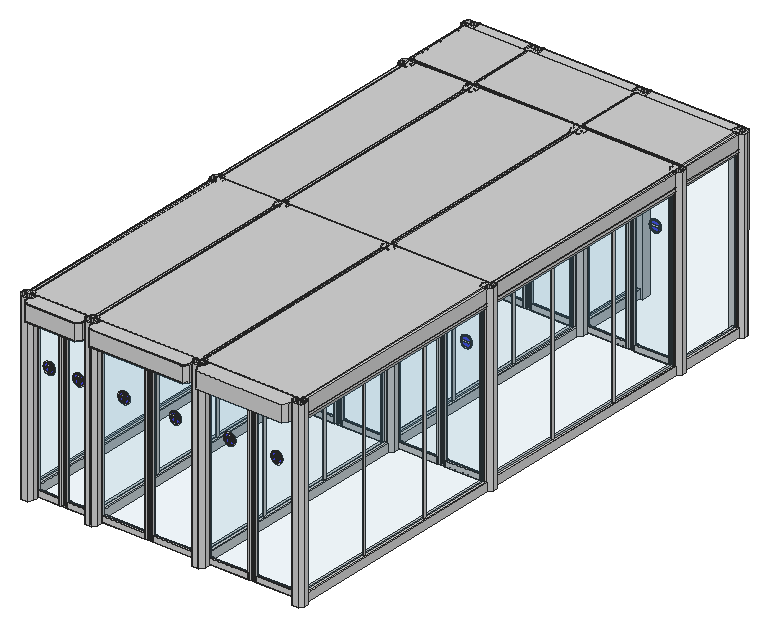
Revit family "assa_abloy_security_el_triple", category Doors, Revit 2026 (continued)
Definition of nested family "Advance"
  Automatic sketch dimensions
    Sweep 17 sketch curve to plane 4 "Top" = 0.00 mm
    plane 19 to Sweep 17 sketch curve = 0.00 mm
    Sweep 17 sketch curve to level = 0.00 mm
    Sweep 17 sketch curve to profile plane = 0.00 mm
    profile plane to Sweep 17 sketch curve = 2.50 mm
    profile plane to Sweep 17 sketch curve = 19.90 mm
    profile plane to Sweep 17 sketch curve = 34.242 mm
    Sweep 17 sketch curve to Sweep 17 sketch curve = 2.396 mm
    Sweep 17 sketch curve to Sweep 17 sketch curve = 22.75 mm
    Sweep 17 sketch curve to Sweep 17 sketch curve = 16.811 mm
    Sweep 17 sketch curve to Sweep 17 sketch curve = 10.70 mm  (x2)
    Sweep 17 sketch curve to Sweep 17 sketch curve = 26.90 mm
    Sweep 17 sketch curve to Sweep 17 sketch curve = 7.00 mm  (x2)
    Sweep 17 sketch curve to Sweep 17 sketch curve = 8.50 mm  (x2)
    Sweep 17 sketch curve to Sweep 17 sketch curve = 5.00 mm  (x2)
    Sweep 17 sketch curve to Sweep 17 sketch curve = 25.20 mm
    Sweep 17 sketch curve to Sweep 17 sketch curve = 17.95 mm
    Sweep 17 sketch curve to Sweep 17 sketch curve = 3.40 mm
    Sweep 17 sketch curve to Sweep 17 sketch curve = 19.05 mm
    Sweep 17 sketch curve to Sweep 17 sketch curve = 20.752 mm
    Sweep 17 sketch curve to Sweep 17 sketch curve = 17.211 mm
    Sweep 17 sketch curve to Sweep 17 sketch curve = 3.182 mm
    Sweep 17 sketch curve to Sweep 17 sketch curve = 2.196 mm
    Sweep 17 sketch curve to Sweep 17 sketch curve = 22.95 mm
    Sweep 17 sketch curve to Sweep 17 sketch curve = 17.40 mm
    Sweep 17 sketch curve to Sweep 17 sketch curve = 17.60 mm
    Sweep 17 sketch curve to Sweep 17 sketch curve = 2.30 mm
    Sweep 17 sketch curve to Sweep 17 sketch curve = 6.71 mm
    Sweep 17 sketch curve to Sweep 17 sketch curve = 2.79 mm
    Sweep 17 sketch curve to Sweep 17 sketch curve = 20.00 mm
    Sweep 17 sketch curve to Sweep 17 sketch curve = 31.038 mm
    Sweep 17 sketch curve to Sweep 17 sketch curve = 1.028 mm
    Sweep 17 sketch curve to Sweep 17 sketch curve = 36.45 mm
    Sweep 17 sketch curve to Sweep 17 sketch curve = 41.45 mm
    Sweep 17 sketch curve to Sweep 17 sketch curve = 9.50 mm
    Sweep 17 sketch curve to Sweep 17 sketch curve = 0.00 mm  (x2)
    Sweep 17 sketch curve to Sweep 17 sketch curve = 26.303 mm
    Sweep 17 sketch curve to Sweep 17 sketch curve = 21.303 mm
    Sweep 17 sketch curve to Sweep 17 sketch curve = 36.56 mm
    Sweep 17 sketch curve to Sweep 17 sketch curve = 31.765 mm
    Sweep 17 sketch curve to Sweep 17 sketch curve = 31.824 mm
    Sweep 17 sketch curve to Sweep 17 sketch curve = 13.70 mm  (x2)
    Sweep 17 sketch curve to Sweep 17 sketch curve = 6.822 mm  (x2)
    Sweep 17 sketch curve to Sweep 17 sketch curve = 10.00 mm  (x2)
    Sweep 17 sketch curve to Sweep 17 sketch curve = 8.103 mm  (x2)
    Sweep 17 sketch curve to Sweep 17 sketch curve = 6.897 mm
    plane 19 to Sweep 19 sketch curve = 0.10 mm
    Sweep 19 sketch curve to level = 0.00 mm
    profile plane to Sweep 19 sketch curve = 124.65 mm
    Sweep 19 sketch curve to Sweep 19 sketch curve = 5.00 mm  (x2)
    Sweep 19 sketch curve to Sweep 19 sketch curve = 28.00 mm  (x2)
    Sweep 19 sketch curve to Sweep 19 sketch curve = 19.00 mm
    level to Sweep 19 sketch curve = 70.00 mm
    Sweep 19 sketch curve to Sweep 19 sketch curve = 35.00 mm  (x2)
    plane 22 to Sweep 21 sketch curve = 0.10 mm
    Sweep 21 sketch curve to level = 0.00 mm
    profile plane to Sweep 21 sketch curve = 124.65 mm
    Sweep 21 sketch curve to Sweep 21 sketch curve = 5.00 mm  (x2)
    Sweep 21 sketch curve to Sweep 21 sketch curve = 28.00 mm  (x2)
    Sweep 21 sketch curve to Sweep 21 sketch curve = 19.00 mm
    level to Sweep 21 sketch curve = 70.00 mm
    Sweep 21 sketch curve to Sweep 21 sketch curve = 35.00 mm  (x2)
    Extrusion 22 sketch curve to plane 41 = 2.53 mm
    Extrusion 22 sketch curve to plane 31 = 7.431 mm
    plane 41 to Extrusion 22 sketch curve = 1.338 mm
    plane 30 to Extrusion 22 sketch curve = 7.431 mm
    Extrusion 22 sketch curve to plane 41 = 59.692 mm
    Extrusion 22 sketch curve to plane 41 = 24.543 mm
    Extrusion 23 sketch curve to plane 17 = 0.00 mm
    Extrusion 23 sketch curve to plane 19 = 0.00 mm
    Extrusion 23 sketch curve to plane 37 = 2.031 mm
    plane 38 to Extrusion 23 sketch curve = 2.031 mm
    plane 41 to Extrusion 23 sketch curve = 1.341 mm
    plane 41 to Extrusion 23 sketch curve = 1.338 mm
    Extrusion 23 sketch curve to plane 41 = 24.543 mm
    Extrusion 23 sketch curve to plane 41 = 24.602 mm
    Extrusion 23 sketch curve to plane 36 = 15.268 mm
    Extrusion 24 sketch curve to plane 39 = 2.031 mm
    plane 40 to Extrusion 24 sketch curve = 2.031 mm
    Extrusion 24 sketch curve to plane 41 = 24.914 mm
    Extrusion 24 sketch curve to plane 41 = 24.855 mm
    Extrusion 24 sketch curve to plane 41 = 1.201 mm
    plane 41 to Extrusion 24 sketch curve = 1.028 mm
    Extrusion 25 sketch curve to plane 37 = 0.00 mm
    Extrusion 25 sketch curve to plane 38 = 0.00 mm
    Extrusion 25 sketch curve to Extrusion 25 sketch curve = 2.00 mm
    plane 38 to Extrusion 25 sketch curve = 2.00 mm
    Extrusion 26 sketch curve to plane 39 = 0.00 mm
    Extrusion 26 sketch curve to plane 40 = 0.00 mm
    Extrusion 26 sketch curve to plane 39 = 2.00 mm
    Extrusion 26 sketch curve to plane 43 = 0.001 mm
    plane 40 to Extrusion 26 sketch curve = 2.00 mm
    Extrusion 27 sketch curve to plane 1 "Entry" = 4.00 mm
    Extrusion 27 sketch curve to plane 36 = 4.00 mm
    plane 4 "Top" to Extrusion 27 sketch curve = 11.563 mm
    Extrusion 28 sketch curve to plane 4 "Top" = 0.00 mm
    Extrusion 28 sketch curve to plane 1 "Entry" = 4.00 mm
    Extrusion 28 sketch curve to plane 36 = 4.00 mm
    plane 4 "Top" to Extrusion 28 sketch curve = 11.563 mm
    Extrusion 29 sketch curve to plane 1 "Entry" = 0.00 mm
    Extrusion 29 sketch curve to plane 36 = 0.00 mm
    Extrusion 29 sketch curve to plane 4 "Top" = 0.00 mm
    Extrusion 29 sketch curve to plane 1 "Entry" = 4.00 mm
    Extrusion 29 sketch curve to plane 36 = 4.00 mm
    plane 4 "Top" to Extrusion 29 sketch curve = 11.563 mm
    plane 41 to Extrusion 30 sketch curve = 0.00 mm  (x2)
    Extrusion 30 sketch curve to plane 31 = 5.685 mm
    Extrusion 30 sketch curve to Extrusion 30 sketch curve = 2.00 mm  (x2)
    plane 30 to Extrusion 30 sketch curve = 7.115 mm
    plane 39 to Extrusion 5 sketch curve = 3.508 mm
    Extrusion 5 sketch curve to plane 40 = 0.285 mm
    plane 41 to Extrusion 5 sketch curve = 24.811 mm
    plane 41 to Extrusion 5 sketch curve = 24.87 mm
    plane 43 to Extrusion 4 sketch curve = 0.00 mm
    Extrusion 4 sketch curve to plane 17 = 0.00 mm
    Extrusion 4 sketch curve to plane 19 = 0.00 mm
    Extrusion 4 sketch curve to plane 36 = 0.00 mm  (x2)
    plane 37 to Extrusion 4 sketch curve = 2.00 mm
    Extrusion 4 sketch curve to plane 38 = 2.031 mm
    Extrusion 4 sketch curve to plane 41 = 1.363 mm
    Extrusion 4 sketch curve to plane 41 = 1.338 mm
    plane 41 to Extrusion 4 sketch curve = 24.543 mm
    plane 41 to Extrusion 4 sketch curve = 24.602 mm
    plane 41 to Extrusion 3 sketch curve = 0.00 mm
    Extrusion 3 sketch curve to plane 7 = 0.00 mm
    Extrusion 3 sketch curve to plane 6 = 0.00 mm
    Extrusion 3 sketch curve to plane 36 = 0.00 mm  (x2)
    plane 31 to Extrusion 3 sketch curve = 5.685 mm
    Extrusion 3 sketch curve to plane 41 = 1.202 mm
    Extrusion 3 sketch curve to plane 30 = 7.356 mm
    plane 41 to Extrusion 3 sketch curve = 24.734 mm
    plane 41 to Extrusion 3 sketch curve = 59.957 mm
Definition of nested family "PartTriple"
  Parameters (values of type "Schipol configuration")
    Width = 979.00 mm
    URL = ""
    Type Comments = ""
    ThirdPassageWidth = if(Third Passage Width Input = 1, 650.00 mm, if(Third Passage Width Input = 2, 900.00 mm, if(Third Passage Width Input = 3, 1100.00 mm, if(Third Passage Width Input = 4, 1200.00 mm, 1400.00 mm))))  # 650.00 mm
    ThirdPassage = yes
    Third Passage Width Input = 1
    Thickness = 0.00 mm
    Sensor = none
    SecondPassageWidth = if(Second Passage Width Input = 1, 650.00 mm, if(Second Passage Width Input = 2, 900.00 mm, if(Second Passage Width Input = 3, 1100.00 mm, if(Second Passage Width Input = 4, 1200.00 mm, 1400.00 mm))))  # 650.00 mm
    SecondPassage = yes
    Second Passage Width Input = 1
    Rubber = none
    Row3 = ThirdPassage  # yes
    Row2 = SecondPassage  # yes
    Row1 = no
    Rough Width = 979.00 mm
    Rough Height = 500.00 mm
    PassageWidth = if(Passage Width Input = 1, 650.00 mm, if(Passage Width Input = 2, 900.00 mm, if(Passage Width Input = 3, 1100.00 mm, if(Passage Width Input = 4, 1200.00 mm, 1400.00 mm))))  # 650.00 mm
    PassageHeight = 2100.00 mm
    Passage Width Input = 1
    PanelWidth3 = (ThirdPassageWidth / 2) + 23.10 mm  # 348.10 mm
    PanelWidth2 = (SecondPassageWidth / 2) + 23.10 mm  # 348.10 mm
    PanelWidth = (PassageWidth / 2) + 23.10 mm  # 348.10 mm
    PanelGlass = none
    Operation = "Automatic"
    OpeningRotationAngle = if(OpenDoor, 90.00°, 0.00°)  # 0.00°
    OpenDoor = no
    Model = ""
    Manufacturer = "info@blasi.info"
    Length = 5999.839 mm
    Keynote = ""
    Heightmin = 2150.00 mm  # constant formula
    Heightmax = 2300.00 mm  # constant formula
    HeightLimit = if(PassageHeight > Heightmin, if(PassageHeight < Heightmax, PassageHeight, Heightmax), Heightmin)  # 2150.00 mm
    Height = 500.00 mm
    Function = 1
    Frames = none
    FrameMaterial = none
    Fire Rating = ""
    Description = ""
    Cost = 0
    Construction Type = "Automatic Sliding Door"
    CanopyHeight = 211.00 mm  # constant formula
    Assembly Code = ""
    Analytic Construction = "<None>"
    Alarm = none
  Reference planes
    plane 1 "Entry": y = 0
    plane 2: z = 0
    plane 3 "Center (Left/Right)": x = 0
    plane 4 "Top": z = 2311
    plane 5 "PH": z = 2100
    plane 6: x = -325
    plane 7: x = 325
    plane 8 "Center": y = 2999.92
    plane 9: x = 348.1
    plane 10: x = -348.1
    plane 11: x = 403.05
    plane 12: x = 411.25
    plane 13: x = -403.05
    plane 14: x = -411.25
    plane 15: y = 3009.27
    plane 16: y = 2879.26
    plane 17: y = 9.35
    plane 18: y = 1922.623
    plane 19: y = 965.987
    plane 20: y = 1926.623
    plane 21: y = 1918.623
    plane 22: y = 969.987
    plane 23: y = 961.987
    plane 24: y = 17.45
    plane 25: y = 2871.16
    plane 26: y = 3017.37
    plane 27: z = 70.9
    plane 28: z = 2080.9
    plane 29: y = 3298.08
    plane 30: x = -323.75
    plane 31: y = 3203.96
    plane 32: x = -489.5
    plane 33: x = -1139.5
    plane 34: x = -814.5
    plane 35: x = -1079
    plane 36: x = -1629
    plane 37: x = -1304
    plane 38: x = -1954
    plane 39: x = -1225.85
    plane 40: x = -1217.65
    plane 41: x = -2118.5
    plane 42: x = -2040.35
    plane 43: x = -2032.15
    plane 44: y = -20.298
    plane 45: x = -466.2
    plane 46: x = -1162.7
    plane 47: x = -1177.25
    plane 48: x = -451.75
    plane 49: x = -1221.75
    plane 50: x = -1280.8
    plane 51: x = -1977.2
    plane 52: x = -364.65
    plane 53: x = -1991.465
    plane 54: x = -1266.535
    plane 55: x = -1260.65
    plane 56: x = -1227.981
    plane 57: x = -1268.25
    plane 58: x = -1989.75
    plane 59: z = 2110
    plane 60: z = 2300.414
  Forms (mm)
    Sweep 1, solid, material <- "Frames"
      path origin (0, 0, 0) x (1, 0, 0) y (0, 0, 1)
        loop
          line (325, 0) -> (325, 2311)
      profile origin (325, 0, 1155.5) x (-1, 0, 0) y (0, -1, 0)
        loop
          line (-37.465, 128.76) -> (-127.035, 128.76) -> (-164.5, 68.803) -> (-164.5, 20.298) -> (-126.752, -17.45) -> (-94.75, -17.45) -> (-94.75, 2.55) -> (-69.55, 2.55) -> (-69.55, -17.45) -> (-43.296, -17.45) -> (-43.296, 20.296) -> (0, 20.296) -> (0, 68.803) -> (-37.465, 128.76)
        loop
          line (-93.15, 103.76) -> (-100.15, 103.76) -> (-100.15, 113.76) -> (-110.85, 113.76) -> (-110.85, 121.863) -> (-127.78, 121.863) -> (-162, 67.057) -> (-162, 65.303) -> (-144.6, 65.303) -> (-144.6, 44) -> (-121.65, 44) -> (-121.65, 53.5) -> (-84.65, 53.5) -> (-84.65, 90.06) -> (-93.15, 90.06) -> (-93.15, 103.76)
        loop
          line (-71.15, 103.76) -> (-71.15, 90.06) -> (-79.65, 90.06) -> (-79.65, 53.5) -> (-42.65, 53.5) -> (-42.65, 44) -> (-19.9, 44) -> (-19.9, 65.303) -> (-2.3, 65.303) -> (-2.3, 67.057) -> (-36.52, 121.863) -> (-53.45, 121.863) -> (-53.45, 113.76) -> (-64.15, 113.76) -> (-64.15, 103.76) -> (-71.15, 103.76)
        loop
          line (-102.6, 39) -> (-162, 39) -> (-162, 21.326) -> (-129.934, -10.74) -> (-106, -10.74) -> (-106, -7.95) -> (-102.6, -7.95) -> (-102.6, 39)
    Sweep 2, solid, material <- "Frames"
      path origin (0, 2999.92, 0) x (1, 0, 0) y (0, 0, 1)
        loop
          line (325, 0) -> (325, 2311)
      profile origin (325, 2999.92, 1155.5) x (-1, 0, 0) y (0, -1, 0)
        loop
          line (-37.465, 128.76) -> (-69.55, 128.76) -> (-69.55, 108.76) -> (-94.75, 108.76) -> (-94.75, 128.76) -> (-127.035, 128.76) -> (-164.5, 68.803) -> (-164.5, 20.298) -> (-126.752, -17.45) -> (-43.296, -17.45) -> (-43.296, 20.296) -> (0, 20.296) -> (0, 68.803) -> (-37.465, 128.76)
        loop
          line (-93.15, 103.76) -> (-100.15, 103.76) -> (-100.15, 113.76) -> (-110.85, 113.76) -> (-110.85, 121.863) -> (-127.78, 121.863) -> (-162, 67.057) -> (-162, 65.303) -> (-144.6, 65.303) -> (-144.6, 44) -> (-121.65, 44) -> (-121.65, 53.5) -> (-84.65, 53.5) -> (-84.65, 90.06) -> (-93.15, 90.06) -> (-93.15, 103.76)
        loop
          line (-71.15, 103.76) -> (-71.15, 90.06) -> (-79.65, 90.06) -> (-79.65, 53.5) -> (-42.65, 53.5) -> (-42.65, 44) -> (-19.9, 44) -> (-19.9, 65.303) -> (-2.3, 65.303) -> (-2.3, 67.057) -> (-36.52, 121.863) -> (-53.45, 121.863) -> (-53.45, 113.76) -> (-64.15, 113.76) -> (-64.15, 103.76) -> (-71.15, 103.76)
        loop
          line (-102.6, 39) -> (-162, 39) -> (-162, 21.326) -> (-129.934, -10.74) -> (-106, -10.74) -> (-106, -7.95) -> (-102.6, -7.95) -> (-102.6, 39)
    Sweep 3, solid, material <- "Frames"
      path origin (0, -0.001, 0) x (-1, 0, 0) y (0, 0, 1)
        loop
          line (325, 0) -> (325, 2311)
      profile origin (-325, -0.001, 1155.5) x (-1, 0, 0) y (0, -1, 0)
        loop
          line (37.465, 128.761) -> (0, 68.804) -> (0, 20.298) -> (43.296, 20.298) -> (43.296, -17.45) -> (69.55, -17.45) -> (69.55, 2.55) -> (94.75, 2.55) -> (94.75, -17.45) -> (121.004, -17.45) -> (121.004, 20.298) -> (164.5, 20.298) -> (164.5, 68.804) -> (127.035, 128.761) -> (37.465, 128.761)
        loop
          line (93.15, 103.761) -> (93.15, 90.061) -> (84.65, 90.061) -> (84.65, 53.501) -> (121.65, 53.501) -> (121.65, 44.001) -> (144.6, 44.001) -> (144.6, 65.304) -> (162, 65.304) -> (162, 67.059) -> (127.78, 121.864) -> (110.85, 121.864) -> (110.85, 113.761) -> (100.15, 113.761) -> (100.15, 103.761) -> (93.15, 103.761)
        loop
          line (71.15, 103.761) -> (64.15, 103.761) -> (64.15, 113.761) -> (53.45, 113.761) -> (53.45, 121.864) -> (36.52, 121.864) -> (2.3, 67.059) -> (2.3, 65.304) -> (19.9, 65.304) -> (19.9, 44.001) -> (42.65, 44.001) -> (42.65, 53.501) -> (79.65, 53.501) -> (79.65, 90.061) -> (71.15, 90.061) -> (71.15, 103.761)
    Sweep 4, solid, material <- "Frames"
      path origin (0, 2999.92, 0) x (-1, 0, 0) y (0, 0, 1)
        loop
          line (325, 0) -> (325, 2311)
      profile origin (-325, 2999.92, 1155.5) x (-1, 0, 0) y (0, -1, 0)
        loop
          line (37.465, 128.76) -> (0, 68.803) -> (0, 20.296) -> (43.296, 20.296) -> (43.296, -17.45) -> (121.004, -17.45) -> (121.004, 20.296) -> (164.5, 20.296) -> (164.5, 68.803) -> (127.035, 128.76) -> (94.75, 128.76) -> (94.75, 108.76) -> (69.55, 108.76) -> (69.55, 128.76) -> (37.465, 128.76)
        loop
          line (93.15, 103.76) -> (93.15, 90.06) -> (84.65, 90.06) -> (84.65, 53.5) -> (121.65, 53.5) -> (121.65, 44) -> (144.6, 44) -> (144.6, 65.303) -> (162, 65.303) -> (162, 67.057) -> (127.78, 121.863) -> (110.85, 121.863) -> (110.85, 113.76) -> (100.15, 113.76) -> (100.15, 103.76) -> (93.15, 103.76)
        loop
          line (71.15, 103.76) -> (64.15, 103.76) -> (64.15, 113.76) -> (53.45, 113.76) -> (53.45, 121.863) -> (36.52, 121.863) -> (2.3, 67.057) -> (2.3, 65.303) -> (19.9, 65.303) -> (19.9, 44) -> (42.65, 44) -> (42.65, 53.5) -> (79.65, 53.5) -> (79.65, 90.06) -> (71.15, 90.06) -> (71.15, 103.76)
    Extrusion 5, solid, material <- "PanelGlass"
      sketch origin (0, 0, 0) x (1, 0, 0) y (0, 1, 0)
        loop
          line (411.25, 9.35) -> (411.25, 961.987) -> (403.05, 961.987) -> (403.05, 9.35) -> (411.25, 9.35)
        loop
          line (411.25, 2879.26) -> (403.05, 2879.26) -> (403.05, 1926.623) -> (411.25, 1926.623) -> (411.25, 2879.26)
        loop
          line (411.25, 969.987) -> (411.25, 1918.623) -> (403.05, 1918.623) -> (403.05, 969.987) -> (411.25, 969.987)
      from 70.9 to 2080.9
    Extrusion 6, solid, material <- "PanelGlass"
      sketch origin (0, 0, 0) x (-1, 0, 0) y (0, -1, 0)
        loop
          line (411.25, -9.35) -> (403.05, -9.35) -> (403.05, -961.987) -> (411.25, -961.987) -> (411.25, -9.35)
        loop
          line (411.25, -2879.26) -> (411.25, -1926.623) -> (403.05, -1926.623) -> (403.05, -2879.26) -> (411.25, -2879.26)
        loop
          line (403.05, -969.987) -> (403.05, -1918.623) -> (411.25, -1918.623) -> (411.25, -969.987) -> (403.05, -969.987)
      from 0 to 2080.9
    Sweep 7, solid, material <- "Frames"
      path origin (-3291.85, 965.987, 1200) x (1, 0, 0) y (0, 0, 1)
        loop
          line (3616.85, -1129.1) -> (3616.85, 880.9)
      profile origin (325, 965.987, 1075.9) x (-1, 0, 0) y (0, -1, 0)
        loop
          line (-77.85, -1) -> (-77.85, -15) -> (-75.85, -15) -> (-75.85, 15) -> (-77.85, 15) -> (-77.85, 1) -> (-86.45, 1) -> (-86.45, 15) -> (-88.45, 15) -> (-88.45, -15) -> (-86.45, -15) -> (-86.45, -1) -> (-77.85, -1)
    Sweep 8, solid, material <- "Frames"
      path origin (-3291.85, 1922.623, 1200) x (1, 0, 0) y (0, 0, 1)
        loop
          line (3616.85, -1129.1) -> (3616.85, 880.9)
      profile origin (325, 1922.623, 1075.9) x (-1, 0, 0) y (0, -1, 0)
        loop
          line (-77.85, -1) -> (-77.85, -15) -> (-75.85, -15) -> (-75.85, 15) -> (-77.85, 15) -> (-77.85, 1) -> (-86.45, 1) -> (-86.45, 15) -> (-88.45, 15) -> (-88.45, -15) -> (-86.45, -15) -> (-86.45, -1) -> (-77.85, -1)
    Sweep 9, solid, material <- "Frames"
      path origin (3291.85, 965.987, 1200) x (-1, 0, 0) y (0, 0, -1)
        loop
          line (3616.85, 1129.1) -> (3616.85, -880.9)
      profile origin (-325, 965.987, 1075.9) x (-1, 0, 0) y (0, -1, 0)
        loop
          line (77.85, -1) -> (86.45, -1) -> (86.45, -15) -> (88.45, -15) -> (88.45, 15) -> (86.45, 15) -> (86.45, 1) -> (77.85, 1) -> (77.85, 15) -> (75.85, 15) -> (75.85, -15) -> (77.85, -15) -> (77.85, -1)
    Sweep 10, solid, material <- "Frames"
      path origin (3291.85, 1922.623, 1200) x (-1, 0, 0) y (0, 0, -1)
        loop
          line (3616.85, 1129.1) -> (3616.85, -880.9)
      profile origin (-325, 1922.623, 1075.9) x (-1, 0, 0) y (0, -1, 0)
        loop
          line (77.85, -1) -> (86.45, -1) -> (86.45, -15) -> (88.45, -15) -> (88.45, 15) -> (86.45, 15) -> (86.45, 1) -> (77.85, 1) -> (77.85, 15) -> (75.85, 15) -> (75.85, -15) -> (77.85, -15) -> (77.85, -1)
    Sweep 11, solid, material <- "Frames"
      path origin (0, 0, 0) x (1, 0, 0) y (0, 1, 0)
        loop
          line (325, 17.45) -> (325, 2871.16)
      profile origin (325, 1444.305, 0) x (-1, 0, 0) y (0, 0, 1)
        loop
          line (-39.65, 0.9) -> (-39.65, 105.9)
          arc (-39.65, 105.9) -> (-41.114, 109.436) -> (-44.65, 110.9) r 5
          line (-44.65, 110.9) -> (-72.65, 110.9) -> (-72.65, 70.9) -> (-91.65, 70.9) -> (-91.65, 110.9) -> (-119.65, 110.9)
          arc (-119.65, 110.9) -> (-123.186, 109.436) -> (-124.65, 105.9) r 5
          line (-124.65, 105.9) -> (-124.65, 0.9) -> (-39.65, 0.9)
    Sweep 12, solid, material <- "Frames"
      path origin (0, 0, 0) x (-1, 0, 0) y (0, 1, 0)
        loop
          line (325, 17.45) -> (325, 2871.16)
      profile origin (-325, 1444.305, 0) x (-1, 0, 0) y (0, 0, 1)
        loop
          line (39.65, 0.9) -> (124.65, 0.9) -> (124.65, 105.9)
          arc (124.65, 105.9) -> (123.186, 109.436) -> (119.65, 110.9) r 5
          line (119.65, 110.9) -> (91.65, 110.9) -> (91.65, 70.9) -> (72.65, 70.9) -> (72.65, 110.9) -> (44.65, 110.9)
          arc (44.65, 110.9) -> (41.114, 109.436) -> (39.65, 105.9) r 5
          line (39.65, 105.9) -> (39.65, 0.9)
    Sweep 13, solid, material <- "Frames"
      path origin (0, 0, 2100) x (-1, 0, 0) y (0, -1, 0)
        loop
          line (-325, -17.45) -> (-325, -2871.16)
      profile origin (325, 1444.305, 2100) x (-1, 0, 0) y (0, 0, 1)
        loop
          line (-60.47, -28.7) -> (-39.65, 1.3) -> (-39.65, 38.1) -> (-115.65, 38.1)
          arc (-115.65, 38.1) -> (-118.125, 39.125) -> (-119.15, 41.6) r 3.5
          line (-119.15, 41.6) -> (-119.15, 105.35) -> (-46.15, 105.35) -> (-46.15, 142.35) -> (-119.15, 142.35) -> (-119.15, 206.6)
          arc (-119.15, 206.6) -> (-118.271, 208.721) -> (-116.15, 209.6) r 3
          line (-116.15, 209.6) -> (-71.15, 209.6) -> (-71.15, 211.6) -> (-116.15, 211.6)
          arc (-116.15, 211.6) -> (-119.686, 210.136) -> (-121.15, 206.6) r 5
          line (-121.15, 206.6) -> (-121.15, 41.6)
          arc (-121.15, 41.6) -> (-119.539, 37.711) -> (-115.65, 36.1) r 5.5
          line (-115.65, 36.1) -> (-115.65, 35.1) -> (-121.15, 35.1) -> (-121.15, 1.3) -> (-103.83, -28.7) -> (-92.15, -28.7) -> (-92.15, -33.1) -> (-89.15, -33.1) -> (-89.15, -19.1) -> (-75.15, -19.1) -> (-75.15, -33.1) -> (-72.15, -33.1) -> (-72.15, -28.7) -> (-60.47, -28.7)
    Sweep 14, solid, material <- "Frames"
      path origin (0, 0, 2100) x (1, 0, 0) y (0, -1, 0)
        loop
          line (-325, -17.45) -> (-325, -2871.16)
      profile origin (-325, 1444.305, 2100) x (-1, 0, 0) y (0, 0, 1)
        loop
          line (60.47, -28.7) -> (72.15, -28.7) -> (72.15, -33.1) -> (75.15, -33.1) -> (75.15, -19.1) -> (89.15, -19.1) -> (89.15, -33.1) -> (92.15, -33.1) -> (92.15, -28.7) -> (103.83, -28.7) -> (121.15, 1.3) -> (121.15, 35.1) -> (115.65, 35.1) -> (115.65, 36.1)
          arc (115.65, 36.1) -> (119.539, 37.711) -> (121.15, 41.6) r 5.5
          line (121.15, 41.6) -> (121.15, 206.6)
          arc (121.15, 206.6) -> (119.686, 210.136) -> (116.15, 211.6) r 5
          line (116.15, 211.6) -> (71.15, 211.6) -> (71.15, 209.6) -> (116.15, 209.6)
          arc (116.15, 209.6) -> (118.271, 208.721) -> (119.15, 206.6) r 3
          line (119.15, 206.6) -> (119.15, 142.35) -> (46.15, 142.35) -> (46.15, 105.35) -> (119.15, 105.35) -> (119.15, 41.6)
          arc (119.15, 41.6) -> (118.125, 39.125) -> (115.65, 38.1) r 3.5
          line (115.65, 38.1) -> (43.15, 38.1) -> (43.15, 1.3) -> (60.47, -28.7)
    Extrusion 15, solid, material <- "Frames"
      sketch origin (0, 0, 4.531) x (0, 1, 0) y (0, 0, 1)
        loop
          line (2999.92, 2311) -> (-16.95, 2311) -> (-16.95, 2306.469) -> (2999.92, 2306.469) -> (2999.92, 2311)
      from -403.05 to 403.05
    Extrusion 16, solid, material <- "Frames"
      sketch origin (0, 0, 2100) x (-1, 0, 0) y (0, -1, 0)
        loop
          line (-364.65, 20.296) -> (-364.65, -2871.16) -> (-362.465, -2871.16) -> (-325, -2931.117) -> (-325, -2979.623) -> (325, -2979.623) -> (325, -2931.117) -> (362.465, -2871.16) -> (368.15, -2871.16) -> (368.15, 20.299) -> (325, 20.299) -> (325, 68.803) -> (362.75, 129.216) -> (362.75, 161.56) -> (323.108, 225) -> (-323.108, 225) -> (-362.75, 161.56) -> (-362.75, 129.216) -> (-325, 68.803) -> (-325, 20.296) -> (-364.65, 20.296)
      from 0 to 10
    Extrusion 17, solid, material <- "Frames"
      sketch origin (0, 0, 2100) x (-1, 0, 0) y (0, -1, 0)
        loop
          line (362.75, 128.76) -> (362.75, 161.56) -> (323.108, 225) -> (-323.108, 225) -> (-362.75, 161.56) -> (-362.75, 128.76) -> (-360.75, 128.76) -> (-360.75, 160.986) -> (-322, 223) -> (322, 223) -> (360.75, 160.987) -> (360.75, 128.76) -> (362.75, 128.76)
      from 0 to 211
    Extrusion 18, solid, material <- "Frames"
      sketch origin (0, 0, 2311) x (-1, 0, 0) y (0, -1, 0)
        loop
          line (362.75, 129.216) -> (362.75, 161.56) -> (323.108, 225) -> (-323.108, 225) -> (-362.75, 161.56) -> (-362.75, 129.216) -> (-325, 68.803) -> (-325, 20.296) -> (325, 20.296) -> (325, 68.803) -> (362.75, 129.216)
      from 0 to -10
    Extrusion 19, solid, material <- "Frames", visible <- "Row1"
      sketch origin (-1360, -1354.92, 2311) x (-1, 0, 0) y (0, -1, 0)
        loop
          line (-1051.671, -4651.125) -> (-959.45, -4558.904) -> (-959.45, -4372.289) -> (-991.9, -4372.289) -> (-991.9, -4354.839) -> (-1728.296, -4354.839) -> (-1728.296, -4372.289) -> (-1761.175, -4372.289) -> (-1761.175, -4553.279) -> (-1663.329, -4651.125) -> (-1051.671, -4651.125)
      from 0 to -10.586
    Extrusion 20, solid, material <- "Frames", visible <- "Row1"
      sketch origin (-1300, -2999.92, 2100) x (-1, 0, 0) y (0, -1, 0)
        loop
          line (-1703.05, -6199.579) -> (-1604.629, -6298) -> (-990.471, -6298) -> (-896.95, -6204.479) -> (-896.95, -6017.289) -> (-898.925, -6017.289) -> (-898.925, -6203.625) -> (-991.3, -6296) -> (-1603.8, -6296) -> (-1701.019, -6198.781) -> (-1701.019, -6017.289) -> (-1703.05, -6017.289) -> (-1703.05, -6199.579)
      from 0 to 211
    Extrusion 21, solid, material <- "Frames", visible <- "Row1"
      sketch origin (7.603, -26.037, 2100) x (-1, 0, 0) y (0, -1, 0)
        loop
          line (331.353, -2959.202) -> (370.099, -2897.196) -> (-355.099, -2897.196) -> (-317.397, -2957.532) -> (-317.397, -3005.873) -> (-360.796, -3005.873) -> (-360.796, -3043.406) -> (-385.447, -3043.406) -> (-385.447, -3228.462) -> (-299.792, -3314.117) -> (314.792, -3314.117) -> (400.653, -3228.256) -> (400.653, -3043.406) -> (375.796, -3043.406) -> (375.796, -3005.873) -> (331.353, -3005.873) -> (331.353, -2959.202)
      from 0 to 10
    Sweep 22, solid, material <- "Frames", visible <- "Row2"
      path origin (-664.5, 0, 0) x (-1, 0, 0) y (0, 0, 1)
        loop
          line (475, 0) -> (475, 2311)
      profile origin (-1139.5, 0, 1155.5) x (-1, 0, 0) y (0, -1, 0)
        loop
          line (37.465, 128.76) -> (0, 68.803) -> (0, 20.296) -> (43.296, 20.296) -> (43.296, -17.45) -> (69.55, -17.45) -> (69.55, 2.55) -> (94.75, 2.55) -> (94.75, -17.45) -> (126.752, -17.45) -> (164.5, 20.298) -> (164.5, 68.803) -> (127.035, 128.76) -> (37.465, 128.76)
        loop
          line (93.15, 103.76) -> (93.15, 90.06) -> (84.65, 90.06) -> (84.65, 53.5) -> (121.65, 53.5) -> (121.65, 44) -> (144.6, 44) -> (144.6, 65.303) -> (162, 65.303) -> (162, 67.057) -> (127.78, 121.863) -> (110.85, 121.863) -> (110.85, 113.76) -> (100.15, 113.76) -> (100.15, 103.76) -> (93.15, 103.76)
        loop
          line (71.15, 103.76) -> (64.15, 103.76) -> (64.15, 113.76) -> (53.45, 113.76) -> (53.45, 121.863) -> (36.52, 121.863) -> (2.3, 67.057) -> (2.3, 65.303) -> (19.9, 65.303) -> (19.9, 44) -> (42.65, 44) -> (42.65, 53.5) -> (79.65, 53.5) -> (79.65, 90.06) -> (71.15, 90.06) -> (71.15, 103.76)
        loop
          line (102.6, 39) -> (102.6, -7.95) -> (106, -7.95) -> (106, -10.74) -> (129.934, -10.74) -> (162, 21.326) -> (162, 39) -> (102.6, 39)
    Sweep 23, solid, material <- "Frames", visible <- "Row2"
      path origin (-664.5, 2999.92, 0) x (-1, 0, 0) y (0, 0, 1)
        loop
          line (475, 0) -> (475, 2311)
      profile origin (-1139.5, 2999.92, 1155.5) x (-1, 0, 0) y (0, -1, 0)
        loop
          line (37.465, 128.76) -> (0, 68.803) -> (0, 20.296) -> (43.296, 20.296) -> (43.296, -17.45) -> (126.752, -17.45) -> (164.5, 20.298) -> (164.5, 68.803) -> (127.035, 128.76) -> (94.75, 128.76) -> (94.75, 108.76) -> (69.55, 108.76) -> (69.55, 128.76) -> (37.465, 128.76)
        loop
          line (93.15, 103.76) -> (93.15, 90.06) -> (84.65, 90.06) -> (84.65, 53.5) -> (121.65, 53.5) -> (121.65, 44) -> (144.6, 44) -> (144.6, 65.303) -> (162, 65.303) -> (162, 67.057) -> (127.78, 121.863) -> (110.85, 121.863) -> (110.85, 113.76) -> (100.15, 113.76) -> (100.15, 103.76) -> (93.15, 103.76)
        loop
          line (71.15, 103.76) -> (64.15, 103.76) -> (64.15, 113.76) -> (53.45, 113.76) -> (53.45, 121.863) -> (36.52, 121.863) -> (2.3, 67.057) -> (2.3, 65.303) -> (19.9, 65.303) -> (19.9, 44) -> (42.65, 44) -> (42.65, 53.5) -> (79.65, 53.5) -> (79.65, 90.06) -> (71.15, 90.06) -> (71.15, 103.76)
        loop
          line (102.6, 39) -> (102.6, -7.95) -> (106, -7.95) -> (106, -10.74) -> (129.934, -10.74) -> (162, 21.326) -> (162, 39) -> (102.6, 39)
    Extrusion 24, solid, material <- "PanelGlass", visible <- "Row2"
      sketch origin (-664.5, 0, 0) x (-1, 0, 0) y (0, -1, 0)
        loop
          line (561.35, -9.35) -> (553.15, -9.35) -> (553.15, -961.987) -> (561.35, -961.987) -> (561.35, -9.35)
        loop
          line (561.35, -2871.16) -> (561.35, -1926.623) -> (553.15, -1926.623) -> (553.15, -2871.16) -> (561.35, -2871.16)
        loop
          line (553.15, -969.987) -> (553.15, -1918.623) -> (561.35, -1918.623) -> (561.35, -969.987) -> (553.15, -969.987)
      from 0 to 2080.9
    Sweep 25, solid, material <- "Frames", visible <- "Row2"
      path origin (2627.45, 965.987, 1200) x (-1, 0, 0) y (0, 0, -1)
        loop
          line (3766.85, 1129.1) -> (3766.85, -880.9)
      profile origin (-1139.4, 965.987, 1075.9) x (-1, 0, 0) y (0, -1, 0)
        loop
          line (77.85, -1) -> (86.45, -1) -> (86.45, -15) -> (88.45, -15) -> (88.45, 15) -> (86.45, 15) -> (86.45, 1) -> (77.85, 1) -> (77.85, 15) -> (75.85, 15) -> (75.85, -15) -> (77.85, -15) -> (77.85, -1)
    Sweep 26, solid, material <- "Frames", visible <- "Row2"
      path origin (2627.45, 1922.623, 1200) x (-1, 0, 0) y (0, 0, -1)
        loop
          line (3766.85, 1129.1) -> (3766.85, -880.9)
      profile origin (-1139.4, 1922.623, 1075.9) x (-1, 0, 0) y (0, -1, 0)
        loop
          line (77.85, -1) -> (86.45, -1) -> (86.45, -15) -> (88.45, -15) -> (88.45, 15) -> (86.45, 15) -> (86.45, 1) -> (77.85, 1) -> (77.85, 15) -> (75.85, 15) -> (75.85, -15) -> (77.85, -15) -> (77.85, -1)
    Sweep 27, solid, material <- "Frames", visible <- "Row2"
      path origin (-664.5, 0, 0) x (-1, 0, 0) y (0, 1, 0)
        loop
          line (475, 17.45) -> (475, 2871.16)
      profile origin (-1139.5, 1444.305, 0) x (-1, 0, 0) y (0, 0, 1)
        loop
          line (39.65, 0.9) -> (124.65, 0.9) -> (124.65, 105.9)
          arc (124.65, 105.9) -> (123.186, 109.436) -> (119.65, 110.9) r 5
          line (119.65, 110.9) -> (91.65, 110.9) -> (91.65, 70.9) -> (72.65, 70.9) -> (72.65, 110.9) -> (44.65, 110.9)
          arc (44.65, 110.9) -> (41.114, 109.436) -> (39.65, 105.9) r 5
          line (39.65, 105.9) -> (39.65, 0.9)
    Sweep 28, solid, material <- "Frames", visible <- "Row2"
      path origin (-664.5, 0, 2100) x (1, 0, 0) y (0, -1, 0)
        loop
          line (-475, -17.45) -> (-475, -2871.16)
      profile origin (-1139.5, 1444.305, 2100) x (-1, 0, 0) y (0, 0, 1)
        loop
          line (60.47, -28.7) -> (72.15, -28.7) -> (72.15, -33.1) -> (75.15, -33.1) -> (75.15, -19.1) -> (89.15, -19.1) -> (89.15, -33.1) -> (92.15, -33.1) -> (92.15, -28.7) -> (103.83, -28.7) -> (121.15, 1.3) -> (121.15, 35.1) -> (115.65, 35.1) -> (115.65, 36.1)
          arc (115.65, 36.1) -> (119.539, 37.711) -> (121.15, 41.6) r 5.5
          line (121.15, 41.6) -> (121.15, 206.6)
          arc (121.15, 206.6) -> (119.686, 210.136) -> (116.15, 211.6) r 5
          line (116.15, 211.6) -> (71.15, 211.6) -> (71.15, 209.6) -> (116.15, 209.6)
          arc (116.15, 209.6) -> (118.271, 208.721) -> (119.15, 206.6) r 3
          line (119.15, 206.6) -> (119.15, 142.35) -> (46.15, 142.35) -> (46.15, 105.35) -> (119.15, 105.35) -> (119.15, 41.6)
          arc (119.15, 41.6) -> (118.125, 39.125) -> (115.65, 38.1) r 3.5
          line (115.65, 38.1) -> (43.15, 38.1) -> (43.15, 1.3) -> (60.47, -28.7)
    Extrusion 29, solid, material <- "Frames", visible <- "Row2"
      sketch origin (-664.5, 0, 4.531) x (0, 1, 0) y (0, 0, 1)
        loop
          line (2999.92, 2311) -> (-20.298, 2311) -> (-20.298, 2306.469) -> (2999.92, 2306.469) -> (2999.92, 2311)
      from -553.15 to 253.25
    Extrusion 30, solid, material <- "Frames", visible <- "Row2"
      sketch origin (-664.5, 0, 2100) x (-1, 0, 0) y (0, -1, 0)
        loop
          line (-218.15, 20.296) -> (-218.15, -2871.16) -> (-212.465, -2871.16) -> (-175, -2931.117) -> (-175, -2979.623) -> (475, -2979.623) -> (475, -2931.117) -> (512.465, -2871.16) -> (518.15, -2871.16) -> (518.15, 20.296) -> (475, 20.296) -> (475, 68.803) -> (498.2, 105.931) -> (498.2, 184.845) -> (473.108, 225) -> (-173.108, 225) -> (-198.3, 184.685) -> (-198.3, 106.091) -> (-175, 68.803) -> (-175, 20.296) -> (-218.15, 20.296)
      from 0 to 10
    Extrusion 31, solid, material <- "Frames", visible <- "Row2"
      sketch origin (-664.5, 0, 2100) x (-1, 0, 0) y (0, -1, 0)
        loop
          line (512.75, 128.76) -> (512.75, 161.56) -> (473.108, 225) -> (-173.108, 225) -> (-212.75, 161.56) -> (-212.75, 128.76) -> (-210.75, 128.76) -> (-210.75, 160.986) -> (-172, 223) -> (472, 223) -> (510.75, 160.987) -> (510.75, 128.76) -> (512.75, 128.76)
      from 0 to 211
    Extrusion 32, solid, material <- "Frames", visible <- "Row2"
      sketch origin (-664.5, 0, 2311) x (-1, 0, 0) y (0, -1, 0)
        loop
          line (512.75, 129.216) -> (512.75, 161.56) -> (473.108, 225) -> (-173.108, 225) -> (-212.75, 161.56) -> (-212.75, 129.216) -> (-175, 68.803) -> (-175, 20.296) -> (475, 20.296) -> (475, 68.803) -> (512.75, 129.216)
      from 0 to -10
    Sweep 33, solid, material <- "Frames", visible <- "Row3"
      path origin (-1329, 0, 0) x (-1, 0, 0) y (0, 0, 1)
        loop
          line (625, 0) -> (625, 2311)
      profile origin (-1954, 0, 1155.5) x (-1, 0, 0) y (0, -1, 0)
        loop
          line (37.465, 128.76) -> (0, 68.803) -> (0, 20.296) -> (43.296, 20.296) -> (43.296, -17.45) -> (69.55, -17.45) -> (69.55, 2.55) -> (94.75, 2.55) -> (94.75, -17.45) -> (126.752, -17.45) -> (164.5, 20.298) -> (164.5, 68.803) -> (127.035, 128.76) -> (37.465, 128.76)
        loop
          line (93.15, 103.76) -> (93.15, 90.06) -> (84.65, 90.06) -> (84.65, 53.5) -> (121.65, 53.5) -> (121.65, 44) -> (144.6, 44) -> (144.6, 65.303) -> (162, 65.303) -> (162, 67.057) -> (127.78, 121.863) -> (110.85, 121.863) -> (110.85, 113.76) -> (100.15, 113.76) -> (100.15, 103.76) -> (93.15, 103.76)
        loop
          line (71.15, 103.76) -> (64.15, 103.76) -> (64.15, 113.76) -> (53.45, 113.76) -> (53.45, 121.863) -> (36.52, 121.863) -> (2.3, 67.057) -> (2.3, 65.303) -> (19.9, 65.303) -> (19.9, 44) -> (42.65, 44) -> (42.65, 53.5) -> (79.65, 53.5) -> (79.65, 90.06) -> (71.15, 90.06) -> (71.15, 103.76)
        loop
          line (102.6, 39) -> (102.6, -7.95) -> (106, -7.95) -> (106, -10.74) -> (129.934, -10.74) -> (162, 21.326) -> (162, 39) -> (102.6, 39)
    Sweep 34, solid, material <- "Frames", visible <- "Row3"
      path origin (-1329, 2999.92, 0) x (-1, 0, 0) y (0, 0, 1)
        loop
          line (625, 0) -> (625, 2311)
      profile origin (-1954, 2999.92, 1155.5) x (-1, 0, 0) y (0, -1, 0)
        loop
          line (37.465, 128.76) -> (0, 68.803) -> (0, 20.296) -> (43.296, 20.296) -> (43.296, -17.45) -> (126.752, -17.45) -> (164.5, 20.298) -> (164.5, 68.803) -> (127.035, 128.76) -> (94.75, 128.76) -> (94.75, 108.76) -> (69.55, 108.76) -> (69.55, 128.76) -> (37.465, 128.76)
        loop
          line (93.15, 103.76) -> (93.15, 90.06) -> (84.65, 90.06) -> (84.65, 53.5) -> (121.65, 53.5) -> (121.65, 44) -> (144.6, 44) -> (144.6, 65.303) -> (162, 65.303) -> (162, 67.057) -> (127.78, 121.863) -> (110.85, 121.863) -> (110.85, 113.76) -> (100.15, 113.76) -> (100.15, 103.76) -> (93.15, 103.76)
        loop
          line (71.15, 103.76) -> (64.15, 103.76) -> (64.15, 113.76) -> (53.45, 113.76) -> (53.45, 121.863) -> (36.52, 121.863) -> (2.3, 67.057) -> (2.3, 65.303) -> (19.9, 65.303) -> (19.9, 44) -> (42.65, 44) -> (42.65, 53.5) -> (79.65, 53.5) -> (79.65, 90.06) -> (71.15, 90.06) -> (71.15, 103.76)
        loop
          line (102.6, 39) -> (102.6, -7.95) -> (106, -7.95) -> (106, -10.74) -> (129.934, -10.74) -> (162, 21.326) -> (162, 39) -> (102.6, 39)
    Extrusion 35, solid, material <- "PanelGlass", visible <- "Row3"
      sketch origin (-1329, 0, 0) x (-1, 0, 0) y (0, -1, 0)
        loop
          line (711.25, -9.35) -> (703.05, -9.35) -> (703.05, -961.987) -> (711.25, -961.987) -> (711.25, -9.35)
        loop
          line (711.25, -2879.26) -> (711.25, -1926.623) -> (703.05, -1926.623) -> (703.05, -2879.26) -> (711.25, -2879.26)
        loop
          line (703.05, -969.987) -> (703.05, -1918.623) -> (711.25, -1918.623) -> (711.25, -969.987) -> (703.05, -969.987)
      from 0 to 2080.9
    Sweep 36, solid, material <- "Frames", visible <- "Row3"
      path origin (1962.85, 965.987, 1200) x (-1, 0, 0) y (0, 0, -1)
        loop
          line (3916.85, 1129.1) -> (3916.85, -880.9)
      profile origin (-1954, 965.987, 1075.9) x (-1, 0, 0) y (0, -1, 0)
        loop
          line (77.85, -1) -> (86.45, -1) -> (86.45, -15) -> (88.45, -15) -> (88.45, 15) -> (86.45, 15) -> (86.45, 1) -> (77.85, 1) -> (77.85, 15) -> (75.85, 15) -> (75.85, -15) -> (77.85, -15) -> (77.85, -1)
    Sweep 37, solid, material <- "Frames", visible <- "Row3"
      path origin (1962.85, 1922.623, 1200) x (-1, 0, 0) y (0, 0, -1)
        loop
          line (3916.85, 1129.1) -> (3916.85, -880.9)
      profile origin (-1954, 1922.623, 1075.9) x (-1, 0, 0) y (0, -1, 0)
        loop
          line (77.85, -1) -> (86.45, -1) -> (86.45, -15) -> (88.45, -15) -> (88.45, 15) -> (86.45, 15) -> (86.45, 1) -> (77.85, 1) -> (77.85, 15) -> (75.85, 15) -> (75.85, -15) -> (77.85, -15) -> (77.85, -1)
    Sweep 38, solid, material <- "Frames", visible <- "Row3"
      path origin (-1329, 0, 0) x (-1, 0, 0) y (0, 1, 0)
        loop
          line (625, 17.45) -> (625, 2871.16)
      profile origin (-1954, 1444.305, 0) x (-1, 0, 0) y (0, 0, 1)
        loop
          line (39.65, 0.9) -> (124.65, 0.9) -> (124.65, 105.9)
          arc (124.65, 105.9) -> (123.186, 109.436) -> (119.65, 110.9) r 5
          line (119.65, 110.9) -> (91.65, 110.9) -> (91.65, 70.9) -> (72.65, 70.9) -> (72.65, 110.9) -> (44.65, 110.9)
          arc (44.65, 110.9) -> (41.114, 109.436) -> (39.65, 105.9) r 5
          line (39.65, 105.9) -> (39.65, 0.9)
    Sweep 39, solid, material <- "Frames", visible <- "Row3"
      path origin (-1329, 0, 2100) x (1, 0, 0) y (0, -1, 0)
        loop
          line (-625, -17.45) -> (-625, -2871.16)
      profile origin (-1954, 1444.305, 2100) x (-1, 0, 0) y (0, 0, 1)
        loop
          line (60.47, -28.7) -> (72.15, -28.7) -> (72.15, -33.1) -> (75.15, -33.1) -> (75.15, -19.1) -> (89.15, -19.1) -> (89.15, -33.1) -> (92.15, -33.1) -> (92.15, -28.7) -> (103.83, -28.7) -> (121.15, 1.3) -> (121.15, 35.1) -> (115.65, 35.1) -> (115.65, 36.1)
          arc (115.65, 36.1) -> (119.539, 37.711) -> (121.15, 41.6) r 5.5
          line (121.15, 41.6) -> (121.15, 206.6)
          arc (121.15, 206.6) -> (119.686, 210.136) -> (116.15, 211.6) r 5
          line (116.15, 211.6) -> (71.15, 211.6) -> (71.15, 209.6) -> (116.15, 209.6)
          arc (116.15, 209.6) -> (118.271, 208.721) -> (119.15, 206.6) r 3
          line (119.15, 206.6) -> (119.15, 142.35) -> (46.15, 142.35) -> (46.15, 105.35) -> (119.15, 105.35) -> (119.15, 41.6)
          arc (119.15, 41.6) -> (118.125, 39.125) -> (115.65, 38.1) r 3.5
          line (115.65, 38.1) -> (43.15, 38.1) -> (43.15, 1.3) -> (60.47, -28.7)
    Extrusion 40, solid, material <- "Frames", visible <- "Row3"
      sketch origin (-1329, 0, 4.531) x (0, 1, 0) y (0, 0, 1)
        loop
          line (2999.92, 2311) -> (-20.298, 2311) -> (-20.298, 2306.469) -> (2999.92, 2306.469) -> (2999.92, 2311)
      from -703.15 to 103.15
    Extrusion 41, solid, material <- "Frames", visible <- "Row3"
      sketch origin (-1329, 0, 2100) x (-1, 0, 0) y (0, -1, 0)
        loop
          line (-68.35, 20.296) -> (-68.35, -2871.16) -> (-62.465, -2871.16) -> (-250, -2931.117) -> (-250, -2979.623) -> (625, -2979.623) -> (625, -2931.117) -> (662.465, -2871.16) -> (668.15, -2871.16) -> (668.15, 20.296) -> (625, 20.296) -> (625, 68.803) -> (662.75, 129.216) -> (662.75, 161.56) -> (623.108, 225) -> (-23.108, 225) -> (-62.75, 161.56) -> (-62.75, 129.216) -> (-250, 68.803) -> (-250, 20.296) -> (-68.35, 20.296)
      from 0 to 10
    Extrusion 42, solid, material <- "Frames", visible <- "Row3"
      sketch origin (-1329, 0, 2100) x (-1, 0, 0) y (0, -1, 0)
        loop
          line (662.465, 128.76) -> (662.465, 162.016) -> (623.108, 225) -> (-23.108, 225) -> (-62.465, 162.016) -> (-62.465, 128.76) -> (-60.75, 128.76) -> (-60.75, 160.986) -> (-22, 223) -> (622, 223) -> (660.75, 160.987) -> (660.75, 128.76) -> (662.465, 128.76)
      from 0 to 211
    Extrusion 43, solid, material <- "Frames", visible <- "Row3"
      sketch origin (-1329, 0, 2311) x (-1, 0, 0) y (0, -1, 0)
        loop
          line (662.465, 128.76) -> (662.465, 162.016) -> (623.108, 225) -> (-23.108, 225) -> (-62.465, 162.016) -> (-62.465, 128.76) -> (-25, 68.803) -> (-25, 20.296) -> (625, 20.296) -> (625, 68.803) -> (662.465, 128.76)
      from 0 to -10
  Cuts and joins
    joined: Sweep 13, Sweep 14, Extrusion 15
    joined: Extrusion 16, Extrusion 17, Extrusion 18
  Lines and regions (mm)
    symbolic lines, detail levels fine
      curve 1: line (-327.3, 2932.862, 0) -> (-361.52, 2878.057, 0)
      curve 2: line (-413.45, 950.987, 0) -> (-411.45, 950.987, 0)
      curve 3: line (-413.45, 980.987, 0) -> (-413.45, 950.987, 0)
      curve 4: line (-411.45, 950.987, 0) -> (-411.45, 964.987, 0)
      curve 5: line (-402.85, 964.987, 0) -> (-402.85, 950.987, 0)
      curve 6: line (-411.45, 964.987, 0) -> (-402.85, 964.987, 0)
      curve 7: line (-402.85, 950.987, 0) -> (-400.85, 950.987, 0)
      curve 8: line (-400.85, 950.987, 0) -> (-400.85, 980.987, 0)
      curve 9: line (-400.85, 980.987, 0) -> (-402.85, 980.987, 0)
      curve 10: line (-411.45, 980.987, 0) -> (-413.45, 980.987, 0)
      curve 11: line (-411.45, 966.987, 0) -> (-411.45, 980.987, 0)
      curve 12: line (-402.85, 980.987, 0) -> (-402.85, 966.987, 0)
      curve 13: line (-402.85, 966.987, 0) -> (-411.45, 966.987, 0)
      curve 14: line (-413.45, 1907.623, 0) -> (-411.45, 1907.623, 0)
      curve 15: line (-411.45, 1907.623, 0) -> (-411.45, 1921.623, 0)
      curve 16: line (-411.45, 1921.623, 0) -> (-402.85, 1921.623, 0)
      curve 17: line (-402.85, 1921.623, 0) -> (-402.85, 1907.623, 0)
      curve 18: line (-402.85, 1907.623, 0) -> (-400.85, 1907.623, 0)
      curve 19: line (-400.85, 1907.623, 0) -> (-400.85, 1937.623, 0)
      curve 20: line (-413.45, 1937.623, 0) -> (-413.45, 1907.623, 0)
      curve 21: line (-402.85, 1923.623, 0) -> (-411.45, 1923.623, 0)
      curve 22: line (-411.45, 1923.623, 0) -> (-411.45, 1937.623, 0)
      curve 23: line (-402.85, 1937.623, 0) -> (-402.85, 1923.623, 0)
      curve 24: line (-400.85, 1937.623, 0) -> (-402.85, 1937.623, 0)
      curve 25: line (-411.45, 1937.623, 0) -> (-413.45, 1937.623, 0)
      curve 26: line (-419.75, -2.551, 0) -> (-419.75, 17.45, 0)
      curve 27: line (-394.55, -2.551, 0) -> (-419.75, -2.551, 0)
      curve 28: line (-394.55, 17.45, 0) -> (-394.55, -2.551, 0)
      curve 33: line (400.85, 950.987, 0) -> (402.85, 950.987, 0)
      curve 34: line (411.45, 950.987, 0) -> (413.45, 950.987, 0)
      curve 35: line (402.85, 950.987, 0) -> (402.85, 964.987, 0)
      curve 36: line (400.85, 980.987, 0) -> (400.85, 950.987, 0)
      curve 37: line (402.85, 964.987, 0) -> (411.45, 964.987, 0)
      curve 38: line (411.45, 966.987, 0) -> (402.85, 966.987, 0)
      curve 39: line (411.45, 964.987, 0) -> (411.45, 950.987, 0)
      curve 40: line (413.45, 950.987, 0) -> (413.45, 980.987, 0)
      curve 41: line (402.85, 966.987, 0) -> (402.85, 980.987, 0)
      curve 42: line (411.45, 980.987, 0) -> (411.45, 966.987, 0)
      curve 43: line (413.45, 980.987, 0) -> (411.45, 980.987, 0)
      curve 44: line (402.85, 980.987, 0) -> (400.85, 980.987, 0)
      curve 45: line (400.85, 1907.623, 0) -> (402.85, 1907.623, 0)
      curve 46: line (402.85, 1907.623, 0) -> (402.85, 1921.623, 0)
      curve 47: line (400.85, 1937.623, 0) -> (400.85, 1907.623, 0)
      curve 48: line (411.45, 1921.623, 0) -> (411.45, 1907.623, 0)
      curve 49: line (411.45, 1907.623, 0) -> (413.45, 1907.623, 0)
      curve 50: line (413.45, 1907.623, 0) -> (413.45, 1937.623, 0)
      curve 51: line (402.85, 1921.623, 0) -> (411.45, 1921.623, 0)
      curve 52: line (411.45, 1923.623, 0) -> (402.85, 1923.623, 0)
      curve 53: line (411.45, 1937.623, 0) -> (411.45, 1923.623, 0)
      curve 54: line (402.85, 1923.623, 0) -> (402.85, 1937.623, 0)
      curve 55: line (402.85, 1937.623, 0) -> (400.85, 1937.623, 0)
      curve 56: line (413.45, 1937.623, 0) -> (411.45, 1937.623, 0)
      curve 59: line (-411.25, 1926.623, 0) -> (-411.25, 2879.26, 0)
      curve 60: line (-403.05, 1926.623, 0) -> (-411.25, 1926.623, 0)
      curve 61: line (-403.05, 2879.26, 0) -> (-403.05, 1926.623, 0)
      curve 62: line (-411.25, 1918.623, 0) -> (-403.05, 1918.623, 0)
      curve 63: line (-411.25, 969.987, 0) -> (-411.25, 1918.623, 0)
      curve 64: line (-403.05, 969.987, 0) -> (-411.25, 969.987, 0)
      curve 65: line (-403.05, 1918.623, 0) -> (-403.05, 969.987, 0)
      curve 66: line (-411.25, 961.987, 0) -> (-403.05, 961.987, 0)
      curve 67: line (-411.25, 9.35, 0) -> (-411.25, 961.987, 0)
      curve 68: line (-403.05, 9.35, 0) -> (-411.25, 9.35, 0)
      curve 69: line (-403.05, 961.987, 0) -> (-403.05, 9.35, 0)
      curve 71: line (411.25, 9.35, 0) -> (411.25, 961.987, 0)
      curve 72: line (403.05, 961.987, 0) -> (403.05, 9.35, 0)
      curve 73: line (411.25, 961.987, 0) -> (403.05, 961.987, 0)
      curve 74: line (403.05, 969.987, 0) -> (411.25, 969.987, 0)
      curve 75: line (403.05, 1918.623, 0) -> (403.05, 969.987, 0)
      curve 76: line (411.25, 969.987, 0) -> (411.25, 1918.623, 0)
      curve 77: line (411.25, 1918.623, 0) -> (403.05, 1918.623, 0)
      curve 78: line (403.05, 1926.623, 0) -> (411.25, 1926.623, 0)
      curve 79: line (403.05, 2879.26, 0) -> (403.05, 1926.623, 0)
      curve 80: line (411.25, 1926.623, 0) -> (411.25, 2879.26, 0)
    symbolic lines, detail levels medium+fine
      curve 29: line (-411.25, 17.45, 0) -> (-449.65, 17.45, 0)
      curve 30: line (-368.296, 17.45, 0) -> (-403.05, 17.45, 0)
      curve 31: line (416.65, 2871.16, 0) -> (416.65, 17.45, 0)
      curve 32: line (397.65, 17.45, 0) -> (397.65, 2871.16, 0)
      curve 81: line (-397.65, 2871.16, 0) -> (-397.65, 17.45, 0)
      curve 82: line (-416.65, 17.45, 0) -> (-416.65, 2871.16, 0)
    reference lines
      curve 57: line (-411.25, 0, 0) -> (-411.25, 3017.37, 0)
      curve 58: line (411.25, 0, 0) -> (411.25, 3017.37, 0)
    symbolic lines, detail levels medium
      curve 70: line (-411.25, 17.45, 0) -> (-403.05, 17.45, 0)
    reference lines, visible <- "Row2"
      curve 83: line (-1221.75, -577.807, 0) -> (-1221.75, 3017.37, 0)
    reference lines, visible <- "Row3"
      curve 84: line (-1221.75, 124.824, 0) -> (-1221.75, 3142.193, 0)
  Dimensions and locks
    "PassageHeight": plane 5 "PH" to plane 2
    "CanopyHeight": plane 4 "Top" to plane 5 "PH"
    equal spacing: plane 6, plane 3 "Center (Left/Right)", plane 7
    "PassageWidth": plane 6 to plane 7
    plane 1 "Entry" to plane 8 "Center" = 2999.92 mm
    locked: plane 7 to plane 9 at 23.1
    locked: plane 10 to plane 6 at 23.1
    locked: plane 9 to plane 11 at 54.95
    locked: plane 11 to plane 12 at 8.2
    locked: plane 10 to plane 13 at 54.95
    locked: plane 13 to plane 14 at 8.2
    plane 16 to plane 8 "Center" to plane 15 = 120.66 mm locked, 9.35 mm locked
    locked: plane 1 "Entry" to plane 17 at 9.35
    equal spacing: plane 17, plane 19, plane 18, plane 16
    locked: plane 21 to plane 18 at 4
    locked: plane 18 to plane 20 at 4
    locked: plane 23 to plane 19 at 4
    locked: plane 19 to plane 22 at 4
    locked: plane 17 to plane 24 at 8.1
    locked: plane 25 to plane 16 at 8.1
    locked: plane 15 to plane 26 at 8.1
    locked: plane 5 "PH" to plane 28 at 19.1
    locked: plane 17 to Extrusion 15 sketch curve at 26.3
    locked: plane 8 "Center" to plane 29 at 298.161
    locked: plane 6 to plane 30 at 1.25
    locked: plane 8 "Center" to plane 31 at 204.041
    locked: plane 32 to plane 30 at 165.75
    equal spacing: plane 33, plane 34, plane 32
    "SecondPassageWidth": plane 33 to plane 32
    plane 37 to plane 33 = 164.50 mm
    plane 40 to plane 33 = 78.15 mm
    plane 39 to plane 40 = 8.20 mm
    plane 47 to plane 46 = 14.55 mm
    plane 45 to plane 48 = 14.45 mm
    locked: plane 49 to plane 40 at 4.1
    locked: plane 32 to plane 45 at 23.3
    locked: plane 46 to plane 33 at 23.2
    equal spacing: plane 38, plane 36, plane 37
    "ThirdPassageWidth": plane 38 to plane 37
    locked: plane 41 to plane 38 at 164.5
    locked: plane 43 to plane 38 at 78.15
    locked: plane 42 to plane 43 at 8.2
    locked: plane 51 to plane 38 at 23.2
    locked: plane 37 to plane 50 at 23.2
    locked: plane 52 to plane 10 at 16.55
    locked: plane 50 to plane 54 at 14.265
    locked: plane 53 to plane 51 at 14.265
    locked: plane 55 to plane 39 at 34.8
    locked: plane 56 to plane 39 at 2.131
    locked: plane 57 to plane 54 at 1.715
    locked: plane 53 to plane 58 at 1.715
    locked: plane 59 to plane 5 "PH" at 10
    locked: plane 4 "Top" to plane 60 at 10.586
    aligned and locked: level to plane 2
    aligned and locked: Sweep 1 sketch curve to plane 7
    aligned and locked: Extrusion 5 sketch curve to plane 17
    aligned and locked: Extrusion 5 sketch curve to plane 11
    aligned and locked: Extrusion 5 sketch curve to plane 12
    aligned and locked: Extrusion 5 sketch curve to plane 16
    aligned and locked: plane 14 to Extrusion 6 sketch curve
    aligned and locked: plane 13 to Extrusion 6 sketch curve
    aligned and locked: plane 17 to Extrusion 6 sketch curve
    aligned and locked: plane 16 to Extrusion 6 sketch curve
    aligned and locked: Extrusion 5 sketch curve to plane 23
    aligned and locked: Extrusion 5 sketch curve to plane 22
    aligned and locked: Extrusion 5 sketch curve to plane 20
    aligned and locked: Extrusion 5 sketch curve to plane 21
    aligned and locked: Extrusion 6 sketch curve to plane 23
    aligned and locked: Extrusion 6 sketch curve to plane 22
    aligned and locked: Extrusion 6 sketch curve to plane 20
    aligned and locked: Extrusion 6 sketch curve to plane 21
    aligned and locked: Sweep 11 sketch curve to plane 7
    aligned and locked: plane 25 to Sweep 11 sketch curve
    aligned and locked: plane 24 to Sweep 11 sketch curve
    aligned and locked: Extrusion 5 to plane 27
    aligned and locked: Sweep 7 sketch curve to plane 7
    aligned and locked: plane 27 to Sweep 7 sketch curve
    aligned and locked: plane 27 to Sweep 8 sketch curve
    aligned and locked: plane 28 to Sweep 7 sketch curve
    aligned and locked: plane 28 to Sweep 8 sketch curve
    aligned and locked: Sweep 8 sketch curve to plane 7
    aligned and locked: plane 28 to Extrusion 5
    aligned and locked: Sweep 9 sketch curve to plane 6
    aligned and locked: plane 27 to Sweep 9 sketch curve
    aligned and locked: plane 28 to Sweep 9 sketch curve
    aligned and locked: Sweep 10 sketch curve to plane 6
    aligned and locked: plane 27 to Sweep 10 sketch curve
    aligned and locked: plane 28 to Sweep 10 sketch curve
    aligned and locked: plane 28 to Extrusion 6
    aligned and locked: Extrusion 16 sketch curve to Sweep 4  (x2)
    aligned and locked: Extrusion 16 sketch curve to plane 25
    aligned and locked: Extrusion 16 sketch curve to Sweep 2  (x3)
    aligned and locked: Extrusion 16 sketch curve to cut or joined group of Sweep 13, Sweep 14, Extrusion 15
    aligned and locked: Sweep 1 to Extrusion 16 sketch curve
    aligned and locked: Extrusion 16 sketch curve to Sweep 3
    aligned and locked: Extrusion 15 to plane 11
    aligned and locked: Extrusion 15 to plane 13
    aligned and locked: plane 1 "Entry" to nested 1
    aligned and locked: plane 10 to nested 1
    aligned and locked: plane 9 to nested 2
    aligned and locked: nested 2 to plane 1 "Entry"
    aligned and locked: plane 10 to nested 3
    aligned and locked: plane 8 "Center" to nested 3
    aligned and locked: nested 4 to plane 8 "Center"
    aligned and locked: nested 4 to plane 9
    aligned and locked: curve 1 to Sweep 4
    aligned and locked: curve 2 to Sweep 9
    aligned and locked: curve 3 to Sweep 9
    aligned and locked: curve 4 to Sweep 9
    aligned and locked: curve 5 to Sweep 9
    aligned and locked: curve 6 to Sweep 9
    aligned and locked: curve 7 to Sweep 9
    aligned and locked: curve 8 to Sweep 9
    aligned and locked: curve 9 to Sweep 9
    aligned and locked: curve 10 to Sweep 9
    aligned and locked: curve 11 to Sweep 9
    aligned and locked: curve 12 to Sweep 9
    aligned and locked: curve 13 to Sweep 9
    aligned and locked: curve 14 to Sweep 10
    aligned and locked: curve 15 to Sweep 10
    aligned and locked: curve 16 to Sweep 10
    aligned and locked: curve 17 to Sweep 10
    aligned and locked: curve 18 to Sweep 10
    aligned and locked: curve 19 to Sweep 10
    aligned and locked: curve 20 to Sweep 10
    aligned and locked: curve 21 to Sweep 10
    aligned and locked: curve 22 to Sweep 10
    aligned and locked: curve 23 to Sweep 10
    aligned and locked: curve 24 to Sweep 10
    aligned and locked: curve 25 to Sweep 10
    aligned and locked: curve 27 to Sweep 3
    aligned and locked: curve 28 to Sweep 3
    aligned and locked: Sweep 12 to curve 29
    aligned and locked: Sweep 12 to curve 30
    aligned and locked: curve 31 to Sweep 11
    aligned and locked: curve 32 to Sweep 11
    aligned and locked: curve 33 to Sweep 7
    aligned and locked: curve 34 to Sweep 7
    aligned and locked: curve 35 to Sweep 7
    aligned and locked: curve 36 to Sweep 7
    aligned and locked: curve 37 to Sweep 7
    aligned and locked: curve 38 to Sweep 7
    aligned and locked: curve 39 to Sweep 7
    aligned and locked: curve 40 to Sweep 7
    aligned and locked: curve 41 to Sweep 7
    aligned and locked: curve 42 to Sweep 7
    aligned and locked: curve 43 to Sweep 7
    aligned and locked: curve 44 to Sweep 7
    aligned and locked: curve 45 to Sweep 8
    aligned and locked: curve 46 to Sweep 8
    aligned and locked: curve 47 to Sweep 8
    aligned and locked: curve 48 to Sweep 8
    aligned and locked: curve 49 to Sweep 8
    aligned and locked: curve 50 to Sweep 8
    aligned and locked: curve 51 to Sweep 8
    aligned and locked: curve 52 to Sweep 8
    aligned and locked: curve 53 to Sweep 8
    aligned and locked: curve 54 to Sweep 8
    aligned and locked: curve 55 to Sweep 8
